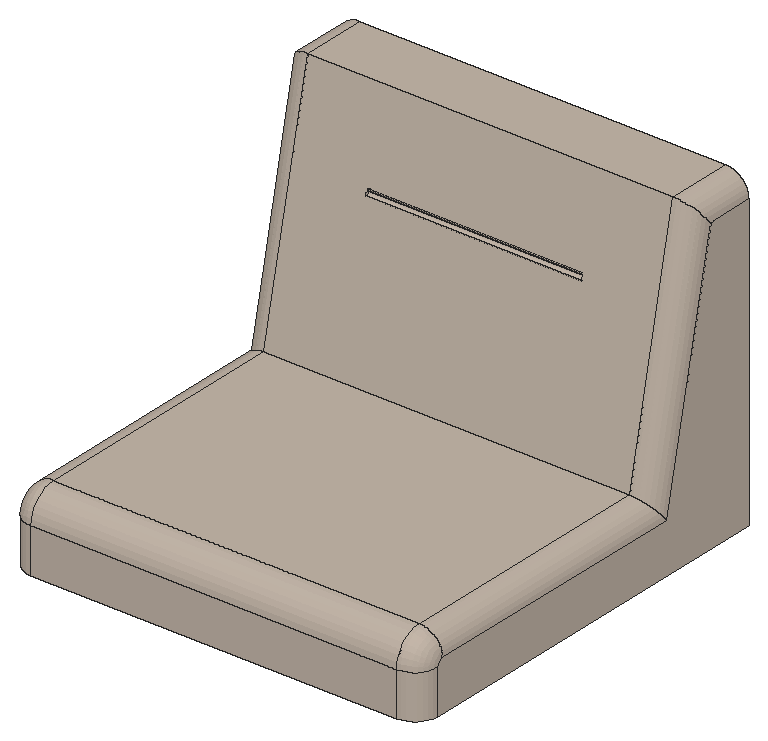
Revit family "FU_Seat_LAPSE 0230TA", category Furniture, Revit 2022
Family settings
  OmniClass Number = 23.40.20.00
  OmniClass Title = General Furniture and Specialties
  Work Plane-Based = No
  Always vertical = Yes
  Cut with Voids When Loaded = No
  Render Appearance Source = Family Geometry
  Shared = No
  Room Calculation Point = No
Parameters (values of type "LAP0230TA")
  Width = 720 mm
  URL = "https://www.sandlerseating.com/product/lapse-0230ta-2/"
  Seat [instance] = Fabric - Gravity - Wheat CPC21
  Model = "LAP0230TA"
  Manufacturer = "Sandler"
  Height = 553 mm
  Description = "Upholstered seat with high backrest in the Lapse modular sofa range, 72cm x 72cm / 28.3\" x 28.3\"."
  Depth = 720 mm
  Default Elevation = 333 mm
Reference planes
  plane 1 "Center (Front/Back)": y = 0
  plane 2 "elevation": z = 333
  plane 3 "Center (Left/Right)": x = 0
  plane 4 "Right": x = -360
  plane 5 "Left": x = 360
  plane 6 "Front": y = -360
  plane 7 "Back": y = 360
  plane 8 "Height": z = 886
  plane 9: y = 245
  plane 10 "Seat Height": z = 460
Forms (mm)
  Sweep 1, solid, material "Fabric - Gravity - Wheat CPC21" <- "Seat"
    path origin (0, 360, 0) x (-1, 0, 0) y (0, 0, 1)
      loop
        line (-360, 886) -> (360, 886)
    profile origin (0, 360, 886) x (0, 0, -1) y (0, -1, 0)
      loop
        line (0, 0) -> (553, 0) -> (553, 720) -> (476, 720)
        arc (476, 720) -> (440.645, 705.355) -> (426, 670) r 50
        line (426, 670) -> (426, 210.023) -> (0, 115) -> (0, 0)
  Sweep 2, void
    path in 3D
      loop
        line (-360, -360, 333) -> (-360, -360, 410)
        arc (-360, -360, 410) -> (-360, -345.355, 445.355) -> (-360, -310, 460) r 50
        line (-360, -310, 460) -> (-360, 149.977, 460) -> (-360, 245, 886) -> (-360, 360, 886)
    profile "Pro_edgeCut_40mm : Pro_edgeCut_40mm" origin (-360, -360, 371.5) x (0, 1, 0) y (-1, 0, 0)
      loop
        line (7.071, 21.213) -> (-21.213, -7.071) -> (0, -40)
        arc (0, -40) -> (11.716, -11.716) -> (40, 0) r 40
        line (40, 0) -> (7.071, 21.213)
  Sweep 3, void
    path in 3D
      loop
        line (360, 360, 886) -> (360, 245, 886) -> (360, 149.977, 460) -> (360, -310, 460)
        arc (360, -310, 460) -> (360, -345.355, 445.355) -> (360, -360, 410) r 50
        line (360, -360, 410) -> (360, -360, 333)
    profile "Pro_edgeCut_40mm : Pro_edgeCut_40mm" origin (360, -360, 371.5) x (0, 1, 0) y (1, 0, 0)
      loop
        line (7.071, 21.213) -> (-21.213, -7.071) -> (0, -40)
        arc (0, -40) -> (11.716, -11.716) -> (40, 0) r 40
        line (40, 0) -> (7.071, 21.213)
  Extrusion 4, void
    sketch origin (0, 0, 0) x (0, 1, 0) y (0, 0, 1)
      loop
        circle (209.925, 729.771) r 5
    from -190 to 190
Cuts and joins
  Sweep 2, Sweep 3, Extrusion 4 cuts Sweep 1
Lines and regions (mm)
  sketch lines
    curve 1: line (-360, -360, 333) -> (-360, -360, 410)
    curve 2: arc (-360, -310, 460) -> (-360, -345.355, 445.355) -> (-360, -360, 410) r 50
    curve 3: line (-360, -310, 460) -> (-360, 149.977, 460)
    curve 4: line (-360, 149.977, 460) -> (-360, 245, 886)
    curve 5: line (-360, 245, 886) -> (-360, 360, 886)
    curve 6: line (360, -360, 410) -> (360, -360, 333)
    curve 7: arc (360, -360, 410) -> (360, -345.355, 445.355) -> (360, -310, 460) r 50
    curve 8: line (360, 149.977, 460) -> (360, -310, 460)
    curve 9: line (360, 245, 886) -> (360, 149.977, 460)
    curve 10: line (360, 360, 886) -> (360, 245, 886)
Dimensions and locks
  equal spacing: plane 4 "Right", plane 3 "Center (Left/Right)", plane 5 "Left"
  equal spacing: plane 7 "Back", plane 1 "Center (Front/Back)", plane 6 "Front"
  "Depth": plane 7 "Back" to plane 6 "Front"
  "Width": plane 4 "Right" to plane 5 "Left"
  "Height": plane 8 "Height" to plane 2 "elevation"
  plane 2 "elevation" to level = 333 mm
  aligned and locked: plane 2 "elevation" to Sweep 1 sketch curve
  aligned and locked: Sweep 1 sketch curve to plane 10 "Seat Height"
  aligned and locked: plane 7 "Back" to Sweep 1 sketch curve
  aligned and locked: plane 6 "Front" to Sweep 1 sketch curve
Automatic sketch dimensions
  plane 5 "Left" to Sweep 1 sketch curve = 0 mm
  Sweep 1 sketch curve to plane 4 "Right" = 0 mm
  Sweep 1 sketch curve to plane 8 "Height" = 0 mm
  Sweep 1 sketch curve to profile plane = 0 mm
  Sweep 1 sketch curve to Sweep 1 sketch curve = 50 mm
  plane 7 "Back" to Sweep 1 sketch curve = 210.023 mm
  plane 7 "Back" to Sweep 1 sketch curve = 115 mm
  Extrusion 4 sketch curve to plane 9 = 35.075 mm
  Extrusion 4 sketch curve to plane 8 "Height" = 156.229 mm
  radius of Extrusion 4 sketch curve = 5 mm
